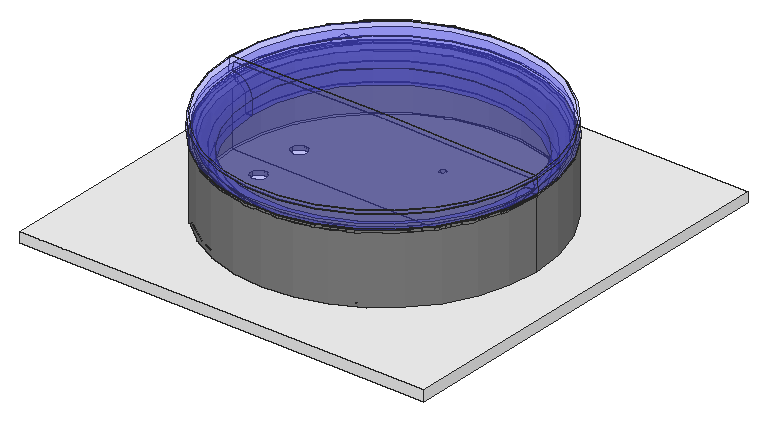
Revit family "BE_33638_de_DE", category Leuchten, Revit 2015
Parameters (values of type "BEGA_33638_Grafit_K3")
  built-in parameter 1150104 = 10.487 (stored number, unit not read)
  Wattage = 26 W
  Default Elevation = 0 mm
  built-in parameter 1150113 = 1 (stored number, unit not read)
  built-in parameter 1114218 = 1 (stored number, unit not read)
  Umgebungstemperatur = ""
  URL = "http://www.bega.de/produkt/33638"
  Typenkommentare = "© 2015 BEGA. Wir behalten uns das Recht vor, technische Änderungen ohne vorherige Ankündigung vorzunehmen."  # constant formula
  Type Image = 33638.png
  built-in parameter 1150134 = (empty or 0)
  built-in parameter 1150109 = 1 (stored number, unit not read)
  Strom = ""
  built-in parameter 1150110 = 1 (stored number, unit not read)
  Spannung = 0 V
  Sonderanfertigung = no
  Seriennummer [instance] = "Hier können Sie die eindeutige Seriennummer für das Facility Management eintragen."
  Schutzklasse = "I"
  Schutzart = "IP 64"
  Scheinlast = 0 VA
  Produktdatenblatt = "http://www.bega.de/download/datenblaetter/de/33638.pdf"
  Oberflächentemperatur = ""
  Neigungswinkel = 0.00°
  Modell = "33638"
  Material_11 = BEGA_Glas_opal
  Material_02 = BEGA_Oberfläche_Silber_matt
  Material_01 [instance] = BEGA_Oberfläche_Grafit_matt
  M_G = yes
  M_A = no
  Logo = 0
  built-in parameter 1114217 = 1 (stored number, unit not read)
  built-in parameter 1150139 = (empty or 0)
  built-in parameter 1150105 = 233.55 (stored number, unit not read)
  built-in parameter 1150114 = 1 (stored number, unit not read)
  Lumens = 2934.88 lm
  built-in parameter 1150115 = 1 (stored number, unit not read)
  Leuchtenlichtstrom = "1613 lm"
  Leuchtenanzahl = ""
  Lebensdauerkriterien = "L70 = 50.000 h"
  Lastklassifizierung = Beleuchtung
  built-in parameter 1150112 = 1 (stored number, unit not read)
  Lampenlichtstrom = "2935 lm"
  Lampe = "LED 26 W"
  LED_Modulbezeichnung = "LED-0451/830 "
  built-in parameter 1150142 = (empty or 0)
  Hersteller = "BEGA"  # constant formula
  Halbstreuwinkel = ""
  Gewicht = "2.8 kg"
  Gebrauchslageneinschränkung [instance] = ""
  Frequenz = "0/50-60 Hz"
  Farbwiedergabeindex = "Ra > 80"
  Farbtemperaturverschiebung bei Dämpfen der Lampe = <Keine Auswahl>
  Farbtemperatur = "3000 K"
  Color Filter = 16777215
  built-in parameter 1150133 = 10 (stored number, unit not read)
  Energieeffizienzklasse = "LED A++ - A"
  built-in parameter 1150137 = (empty or 0)
  built-in parameter 1150132 = (empty or 0)
  ENEC = ""
  Dimmbar [instance] = ""
  Datei für fotometrisches Netz = "BE_33638.IES"
  CE_Konformität = "ja"
  Bestellnummer = "33638"
  Beschreibung_Sonderanfertigung = "Hier können Sie Informationen zur Sonderanfertigung eintragen."
  Beschreibung = "Decken- und Wandleuchte"
  built-in parameter 1150106 = 2.3355 (stored number, unit not read)
  Befestigungsbohrung = "Ø 5,5 mm"
  Befestigungsabstand = "240 mm"
  BEGA_Intern_aus = yes
  BEGA_Intern_an = yes
  BEGA_Intern_Konstruktion = yes
  BEGA_Intern = yes
  BEGA_IES = yes
  BEGA_Dummy = no
  Anschlussleistung [instance] = "31 W"
  built-in parameter 1150107 = 3000 (stored number, unit not read)
  built-in parameter 1150102 = (empty or 0)
  built-in parameter 1150138 = (empty or 0)
  Aktualisierung = "2016-01-08T04:08:54"
  AC/DC = "AC/DC"
Types (5, lengths in mm): name | built-in parameter 1150104 | built-in parameter 1150134 | Modell | M_G | M_A | built-in parameter 1150105 | Lumens | Leuchtenlichtstrom | Lampenlichtstrom | LED_Modulbezeichnung | Farbtemperatur | Datei für fotometrisches Netz | Bestellnummer | built-in parameter 1150106 | built-in parameter 1150107
  (no name) | 10.487 (stored number, unit not read) | (empty or 0) | "33638" | yes | no | 233.55 (stored number, unit not read) | 2934.88 lm | "1613 lm" | "2935 lm" | "LED-0451/830 " | "3000 K" | "BE_33638.IES" | "33638" | 2.3355 (stored number, unit not read) | 3000 (stored number, unit not read)
  BEGA_33638_Grafit_K3 | 10.487 (stored number, unit not read) | (empty or 0) | "33638" | yes | no | 233.55 (stored number, unit not read) | 2934.88 lm | "1613 lm" | "2935 lm" | "LED-0451/830 " | "3000 K" | "BE_33638.IES" | "33638" | 2.3355 (stored number, unit not read) | 3000 (stored number, unit not read)
  BEGA_33638_Silber_K3 | 10.487 (stored number, unit not read) | (empty or 0) | "33638A" | no | yes | 233.55 (stored number, unit not read) | 2934.88 lm | "1613 lm" | "2935 lm" | "LED-0451/830 " | "3000 K" | "BE_33638.IES" | "33638A" | 2.3355 (stored number, unit not read) | 3000 (stored number, unit not read)
  BEGA_33638_Silber_K4 | 11.112 (stored number, unit not read) | 12 | "33638AK4" | no | yes | 247.47 (stored number, unit not read) | 3109.86 lm | "1709 lm" | "3110 lm" | "LED-0451/840 " | "4000 K" | "BE_33638K4.IES" | "33638AK4" | 2.4747 (stored number, unit not read) | 4000 (stored number, unit not read)
  BEGA_33638_Grafit_K4 | 11.112 (stored number, unit not read) | 12 | "33638K4" | yes | no | 247.47 (stored number, unit not read) | 3109.86 lm | "1709 lm" | "3110 lm" | "LED-0451/840 " | "4000 K" | "BE_33638K4.IES" | "33638K4" | 2.4747 (stored number, unit not read) | 4000 (stored number, unit not read)
Reference planes
  plane 1 "Mitte (Vorne/Hinten)": y = 0
  plane 2: z = 0
  plane 3 "Mitte (Links/Rechts)": x = 0
  plane 4 "Links": x = -153.037
  plane 5 "Rechts": x = 153.037
  plane 6 "Unten": y = -152.973
  plane 7 "Oben": y = 152.973
  plane 8 "Vorne": z = 87.037
Forms (mm)
  Extrusion 1, solid, material "BEGA_Platte_Weiss"
    sketch origin (0, -1119.2, 0) x (1, 0, 0) y (0, 1, 0)
      loop
        line (-200, 1319.2) -> (-200, 919.2) -> (200, 919.2) -> (200, 1319.2) -> (-200, 1319.2)
    from 0 to -10
  Extrusion 2, solid, material "BEGA_Dummy_matt", visible <- "BEGA_Dummy"
    sketch origin (77.149, -76.023, 0) x (1, 0, 0) y (0, 1, 0)
      loop
        circle (-77.149, 76.023) r 152.973
    from 0 to 87.037
Dimensions and locks
  plane 1 "Mitte (Vorne/Hinten)" to Extrusion 1 = 200 mm
  aligned and locked: plane 2 to Extrusion 1
  aligned and locked: level to Extrusion 1
Nested families
  nested 1: "BE_33638" at (0, 0, 0), type "BE_33638"
Connectors
  electrical at (0, 0, 0), driven by "Lastklassifizierung", driven by "Spannung", driven by "Scheinlast"
    settings: index 1, voltage 0 V, apparent load 0 VA, apparent load phase1 0 VA, apparent load phase2 0 VA, apparent load phase3 0 VA, power factor 1, load classification "Beleuchtung", number of poles 1, system type 31, power factor state 1, is connector primary yes, connector utility no, sub classification motor no, connector description ""
Definition of nested family "BE_33638"
  Parameters (values of type "BE_33638")
    Default Elevation = 1 mm
    URL = "http://www.bega.de/de/produkt"
    Type Comments = "© 2015 BEGA. Wir behalten uns das Recht vor, technische Änderungen ohne vorherige Ankündigung vorzunehmen. "  # constant formula
    Type Image = (empty or 0)
    Material_17 = none
    Material_15 = none
    Material_11 = none
    Material_09 = none
    Material_06 = none
    Material_02 = none
    Material_01 = none
    M_W = yes
    M_G = yes
    M_A = yes
    Länge_Platte = 200 mm  # constant formula
    Höhe_Platte = -10 mm  # constant formula
    Manufacturer = "BEGA"  # constant formula
    Breite_Platte = 200 mm  # constant formula
  Reference planes
    plane 1 "Mitte (Oben/Unten)": y = 0
    plane 2: z = 0
    plane 3 "Mitte (Links/Rechts)": x = 0
    plane 4 "Vorne": z = 87.037
    plane 5 "Oben": y = 152.973
    plane 6: x = -153.037
    plane 7: y = -152.973
    plane 8: x = 153.037
  Forms (mm)
    Extrusion 1, solid, detail levels medium
      sketch origin (0, 0, 0) x (1, 0, 0) y (0, 1, 0)
        loop
          line (-100, 100) -> (-100, -100) -> (100, -100) -> (100, 100) -> (-100, 100)
      from 0 to -10 <- "Höhe_Platte"
    Revolve 2, solid, material <- "Material_11", detail levels medium+fine
      sketch origin (0, 0, 1.5) x (1, 0, 0) y (0, 0, 1)
        loop
          arc (0, 85.5) -> (-75.298, 84.83) -> (-150.587, 83.54) r 9136.086
          arc (-150.587, 83.54) -> (-151.948, 82.966) -> (-152.543, 81.614) r 2
          line (-152.543, 81.614) -> (-152.999, 68.572)
          arc (-152.999, 68.572) -> (-152.439, 67.112) -> (-151, 66.5) r 2
          line (-151, 66.5) -> (-145, 66.5) -> (-136, 56.139) -> (-136, 37.5) -> (-130, 37.5) -> (-130, 52.5)
          arc (-130, 52.5) -> (-135.605, 65.553) -> (-148.93, 70.476) r 18
          line (-148.93, 70.476) -> (-148.619, 79.38)
          arc (-148.619, 79.38) -> (-74.313, 80.641) -> (0, 81.298) r 9131.433
          line (0, 81.298) -> (0, 85.5)
        axis (0, 85.5) -> (0, 37.5)
      angle from 0 to 360
    Extrusion 3, void
      sketch origin (0, 0, 0) x (1, 0, 0) y (0, 1, 0)
        loop
          circle (0, -120) r 2.75
        loop
          circle (0, 72.973) r 2.75
        loop
          circle (-107.5, 30) r 7.5
        loop
          circle (-107.5, -20) r 7.5
      from 0 to 5.474
    Revolve 4, solid, material <- "Material_02", visible <- "M_A", detail levels medium+fine
      sketch origin (0, 0, 1.707) x (1, 0, 0) y (0, 0, 1)
        loop
          line (-151.35, 64.446) -> (-151.35, -1.707) -> (0, -1.707) -> (0, 1.793) -> (-149.149, 1.793)
          arc (-149.149, 1.793) -> (-149.857, 2.086) -> (-150.15, 2.793) r 1
          line (-150.15, 2.793) -> (-150.15, 64.805) -> (-145.348, 60.004) -> (-144.5, 60.852) -> (-149.096, 65.449)
          arc (-149.096, 65.449) -> (-150.549, 65.679) -> (-151.35, 64.446) r 1.35
        axis (0, 65.449) -> (0, -1.707)
      angle from 0 to 360
    Extrusion 5, void
      sketch origin (0, 0, 0) x (1, 0, 0) y (0, 1, 0)
        loop
          circle (0, -120) r 2.75
        loop
          circle (0, 72.973) r 2.75
        loop
          circle (-107.5, 30) r 7.5
        loop
          circle (-107.5, -20) r 7.5
      from 0 to 5.474
    Extrusion 6, void
      sketch origin (0, 0, 0) x (1, 0, 0) y (0, 1, 0)
        loop
          circle (0, -120) r 2.75
        loop
          circle (0, 72.973) r 2.75
        loop
          circle (-107.5, 30) r 7.5
        loop
          circle (-107.5, -20) r 7.5
      from 0 to 5.474
    Revolve 7, solid, material <- "Material_01", visible <- "M_G", detail levels medium+fine
      sketch origin (0, 0, 1.707) x (1, 0, 0) y (0, 0, 1)
        loop
          line (-151.35, 64.446) -> (-151.35, -1.707) -> (0, -1.707) -> (0, 1.793) -> (-149.149, 1.793)
          arc (-149.149, 1.793) -> (-149.857, 2.086) -> (-150.15, 2.793) r 1
          line (-150.15, 2.793) -> (-150.15, 64.805) -> (-145.348, 60.004) -> (-144.5, 60.852) -> (-149.096, 65.449)
          arc (-149.096, 65.449) -> (-150.549, 65.679) -> (-151.35, 64.446) r 1.35
        axis (0, 65.449) -> (0, -1.707)
      angle from 0 to 360
    Extrusion 8, void
      sketch origin (0, 0, 0) x (1, 0, 0) y (0, 1, 0)
        loop
          circle (0, -120) r 2.75
        loop
          circle (0, 72.973) r 2.75
        loop
          circle (-107.5, 30) r 7.5
        loop
          circle (-107.5, -20) r 7.5
      from 0 to 5.474
  Cuts and joins
    Extrusion 3 cuts Revolve 2
    Extrusion 5, Extrusion 6, Extrusion 8 cuts Revolve 4
    Extrusion 6 cuts Revolve 7
  Dimensions and locks
    equal spacing: Extrusion 1 sketch curve, plane 3 "Mitte (Links/Rechts)", Extrusion 1 sketch curve
    equal spacing: Extrusion 1 sketch curve, plane 1 "Mitte (Oben/Unten)", Extrusion 1 sketch curve
    "Länge_Platte": Extrusion 1 sketch curve to Extrusion 1 sketch curve
    "Breite_Platte": Extrusion 1 sketch curve to Extrusion 1 sketch curve
    aligned and locked: plane 2 to Extrusion 1
    aligned and locked: level to Extrusion 1
  Automatic sketch dimensions
    Revolve 2 sketch curve to plane 3 "Mitte (Links/Rechts)" = 0 mm  (x2)
    Revolve 2 sketch curve to Revolve 2 sketch curve = 6 mm
    Revolve 2 sketch curve to Revolve 2 sketch curve = 9 mm
    Revolve 2 sketch curve to Revolve 2 sketch curve = 12 mm
    Revolve 2 sketch curve to Revolve 2 sketch curve = 3.619 mm
    Revolve 2 sketch curve to Revolve 2 sketch curve = 3.93 mm
    Revolve 2 sketch curve to Revolve 2 sketch curve = 1.926 mm
    Revolve 2 sketch curve to Revolve 2 sketch curve = 2.07 mm
    Revolve 2 sketch curve to Revolve 2 sketch curve = 1.999 mm  (x2)
    plane 3 "Mitte (Links/Rechts)" to Revolve 2 sketch curve = 43.552 mm
    Revolve 2 sketch curve to Revolve 2 sketch curve = 0.004 mm
    Revolve 2 sketch curve to Revolve 2 sketch curve = 0.452 mm
    level to Revolve 2 sketch curve = 39 mm
    Revolve 2 sketch curve to Revolve 2 sketch curve = 15 mm
    Revolve 2 sketch curve to Revolve 2 sketch curve = 3.639 mm  (x2)
    Revolve 2 sketch curve to Revolve 2 sketch curve = 10.361 mm
    Revolve 2 sketch curve to Revolve 2 sketch curve = 2 mm
    Revolve 2 sketch curve to Revolve 2 sketch curve = 1.976 mm
    Revolve 2 sketch curve to Revolve 2 sketch curve = 8.904 mm
    Revolve 2 sketch curve to Revolve 2 sketch curve = 2.161 mm
    Revolve 2 sketch curve to Revolve 2 sketch curve = 0.073 mm
    Revolve 2 sketch curve to Revolve 2 sketch curve = 4.201 mm
    Revolve 2 sketch curve to Revolve 2 sketch curve = 0.042 mm
    Revolve 2 sketch curve to Revolve 2 sketch curve = 0 mm  (x3)
    Revolve 2 sketch curve to Revolve 2 sketch curve = 7.467 mm
    Extrusion 3 sketch curve to plane 3 "Mitte (Links/Rechts)" = 0 mm  (x2)
    Extrusion 3 sketch curve to plane 1 "Mitte (Oben/Unten)" = 30 mm
    plane 1 "Mitte (Oben/Unten)" to Extrusion 3 sketch curve = 20 mm
    Extrusion 3 sketch curve to Extrusion 3 sketch curve = 0 mm
    Extrusion 3 sketch curve to plane 5 "Oben" = 80 mm
    Extrusion 5 sketch curve to plane 3 "Mitte (Links/Rechts)" = 0 mm  (x2)
    Extrusion 5 sketch curve to plane 1 "Mitte (Oben/Unten)" = 30 mm
    plane 1 "Mitte (Oben/Unten)" to Extrusion 5 sketch curve = 20 mm
    Extrusion 5 sketch curve to Extrusion 5 sketch curve = 0 mm
    Extrusion 5 sketch curve to plane 5 "Oben" = 80 mm
    Revolve 2 sketch curve to plane 3 "Mitte (Links/Rechts)" = 130 mm
    Extrusion 3 sketch curve to plane 3 "Mitte (Links/Rechts)" = 107.5 mm
    Extrusion 5 sketch curve to plane 3 "Mitte (Links/Rechts)" = 107.5 mm
    plane 1 "Mitte (Oben/Unten)" to Extrusion 3 sketch curve = 120 mm
    plane 1 "Mitte (Oben/Unten)" to Extrusion 5 sketch curve = 120 mm
    Revolve 4 sketch curve to plane 6 = 1.687 mm
    Revolve 4 sketch curve to Revolve 4 sketch curve = 1.35 mm
    level to Revolve 4 sketch curve = 66.153 mm
    Revolve 4 sketch curve to Revolve 4 sketch curve = 0.904 mm
    level to Revolve 4 sketch curve = 0 mm
    Revolve 4 sketch curve to Revolve 4 sketch curve = 4.596 mm  (x2)
    Revolve 4 sketch curve to Revolve 4 sketch curve = 0.848 mm  (x2)
    Revolve 4 sketch curve to Revolve 4 sketch curve = 0.15 mm
    Revolve 4 sketch curve to Revolve 4 sketch curve = 1.2 mm
    Revolve 4 sketch curve to Revolve 4 sketch curve = 1 mm
    Revolve 4 sketch curve to Revolve 4 sketch curve = 4.5 mm
    Revolve 4 sketch curve to Revolve 4 sketch curve = 0.001 mm
    Revolve 4 sketch curve to Revolve 4 sketch curve = 0.359 mm
    Revolve 4 sketch curve to plane 3 "Mitte (Links/Rechts)" = 0 mm
    Extrusion 6 sketch curve to plane 3 "Mitte (Links/Rechts)" = 0 mm  (x2)
    Extrusion 6 sketch curve to plane 6 = 45.537 mm  (x2)
    plane 1 "Mitte (Oben/Unten)" to Extrusion 6 sketch curve = 20 mm
    plane 7 to Extrusion 6 sketch curve = 32.973 mm
    Extrusion 6 sketch curve to plane 1 "Mitte (Oben/Unten)" = 30 mm
    Extrusion 6 sketch curve to plane 1 "Mitte (Oben/Unten)" = 72.973 mm
    Revolve 7 sketch curve to level = 0 mm
    Revolve 7 sketch curve to plane 3 "Mitte (Links/Rechts)" = 0 mm  (x2)
    Revolve 7 sketch curve to plane 6 = 8.537 mm
    Revolve 7 sketch curve to Revolve 7 sketch curve = 0.848 mm  (x2)
    Revolve 7 sketch curve to plane 6 = 3.941 mm
    Revolve 7 sketch curve to plane 6 = 3.888 mm
    Revolve 7 sketch curve to Revolve 7 sketch curve = 0.001 mm
    Revolve 7 sketch curve to Revolve 7 sketch curve = 0.904 mm
    Revolve 7 sketch curve to Revolve 7 sketch curve = 1 mm
    Revolve 7 sketch curve to Revolve 7 sketch curve = 0.15 mm
    Revolve 7 sketch curve to Revolve 7 sketch curve = 1.2 mm
    Revolve 7 sketch curve to Revolve 7 sketch curve = 3.5 mm
    Revolve 7 sketch curve to Revolve 7 sketch curve = 57.211 mm
    Revolve 7 sketch curve to Revolve 7 sketch curve = 4.442 mm
    Revolve 7 sketch curve to Revolve 7 sketch curve = 0.359 mm
    plane 4 "Vorne" to Revolve 7 sketch curve = 208.432 mm
    Extrusion 8 sketch curve to plane 3 "Mitte (Links/Rechts)" = 0 mm  (x2)
    Extrusion 8 sketch curve to plane 6 = 45.537 mm  (x2)
    plane 1 "Mitte (Oben/Unten)" to Extrusion 8 sketch curve = 20 mm
    plane 7 to Extrusion 8 sketch curve = 32.973 mm
    Extrusion 8 sketch curve to plane 1 "Mitte (Oben/Unten)" = 30 mm
    Extrusion 8 sketch curve to plane 1 "Mitte (Oben/Unten)" = 72.973 mm
    Revolve 2 sketch curve to level = 9048.531 mm
    Revolve 7 sketch curve to level = 274.158 mm
    radius of Extrusion 3 sketch curve = 2.75 mm  (x2)
    radius of Extrusion 3 sketch curve = 7.5 mm  (x2)
    radius of Extrusion 5 sketch curve = 2.75 mm  (x2)
    radius of Extrusion 5 sketch curve = 7.5 mm  (x2)
    radius of Extrusion 6 sketch curve = 2.75 mm  (x2)
    radius of Extrusion 6 sketch curve = 7.5 mm  (x2)
    radius of Extrusion 8 sketch curve = 2.75 mm  (x2)
    radius of Extrusion 8 sketch curve = 7.5 mm  (x2)
